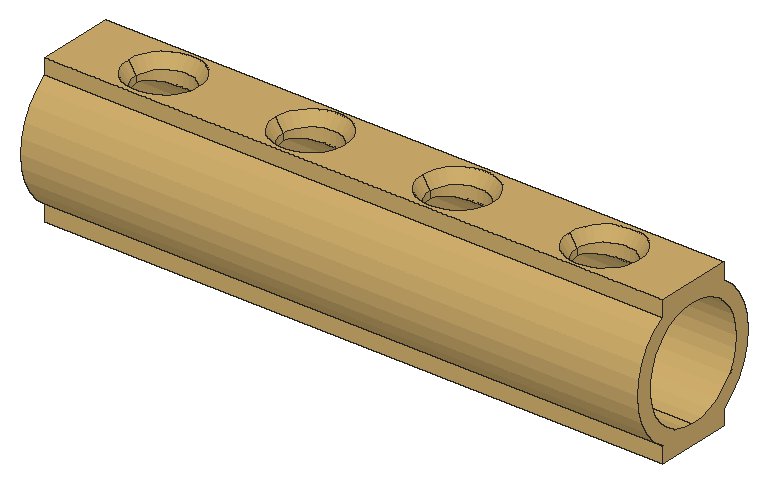
Revit family "fv", category Pipe Accessories, Revit 2018
Family settings
  Round Connector Dimension = Use Diameter
  Part Type = Normal
  OmniClass Number = 23.27.43.00
  OmniClass Title = Pipe Fittings
  Work Plane-Based = No
  Always vertical = Yes
  Cut with Voids When Loaded = No
  Shared = No
Parameters (values of type "F 1 1/4"")
  Tick Size 02 = G * 0.8  # 10.160 mm
  Side Gap = size_lookup(Lookup Table Name, "S", 0.000 mm, Nominal Diameter)  # 10.500 mm
  Radius = G / 2 + 3.180 mm  # 9.530 mm
  Product Material = AIGNEP - Brass - Yellow
  Nominal Diameter = 31.750 mm
  QR code = "https://www.bimobject.com/aignep/product/4-ways-distribution-manifold-90790"
  Product url = "https://www.aignep.com/eng/Pipe-fittings-INFINITY/Air-Pipeline-INFINITY-Series/4-WAYS-DISTRIBUTION-MANIFOLD"
  Product name = "4 Ways Distribution Manifold - 90790"
  Product group = "Fittings"
  Product family = "INFINITY"
  Product certification = "https://www.aignep.com/eng/Certificazioni/FREE-OF-SILICON"
  Product SKU = "4-Ways-Distribution-Manifold-90790"
  OmniClass Description = "Pipe Fittings"
  OmniClass Code = "23-27 43 00"
  Material main = "Steel"
  Manufacturer name = "Aignep Spa"
  Manufacturer country = "Italy"
  IFC Classification = "Pipe Fitting"
  I = size_lookup(Lookup Table Name, "I", 0.000 mm, Nominal Diameter)  # 50.000 mm
  L = size_lookup(Lookup Table Name, "L", 0.000 mm, Nominal Diameter)  # 210.000 mm
  G = 12.700 mm  # constant formula
  Diameter = Nominal Diameter + 2 * 2.738 mm  # 37.226 mm
  Design country = "Italy"
  Description = "4 Ways distribution manifold"  # constant formula
  URL = "https://www.aignep.com/"
  Tick Size 01 = Nominal Diameter * 0.8  # 25.400 mm
  Product data url = "https://www.bimobject.com/aignep/product/4-ways-distribution-manifold-90790"
  Product Guid = "ca4730dc-95fe-4258-89dc-8d25f3021b11"
  Model = "90790"  # constant formula
  Manufacturer = "Aignep Spa"  # constant formula
  Lookup Table Name = "4 Ways Distribution Manifold - 90790"
  Keynote = "15410"
  Edition number = 1
  C = size_lookup(Lookup Table Name, "C", 0.000 mm, Nominal Diameter)  # 50.000 mm
  BIMobject category = "Joints"
  B/2 = B / 2  # 23.500 mm
  B = size_lookup(Lookup Table Name, "B", 0.000 mm, Nominal Diameter)  # 47.000 mm
  A = size_lookup(Lookup Table Name, "A", 0.000 mm, Nominal Diameter)  # 30.000 mm
  Assembly Code = "D2040100"
  Article Code [instance] = size_lookup(Lookup Table Name, "", "", Nominal Diameter)  # "90790 00 003"
Types (4, lengths in mm): name | Side Gap | Nominal Diameter | I | L | Diameter | Tick Size 01 | C | B/2 | B | A | Article Code
  (no name) | 10.500 | 31.750 | 50.000 | 210.000 | 37.226 | 25.400 | 50.000 | 23.500 | 47.000 | 30.000 | "90790 00 003"
  F 3/4" | 2.500 | 19.050 | 38.000 | 164.000 | 24.526 | 15.240 | 34.000 | 15.500 | 31.000 | 25.000 | "90790 00 001"
  F 1" | 6.250 | 25.400 | 38.000 | 174.000 | 30.876 | 20.320 | 37.000 | 18.750 | 37.500 | 30.000 | "90790 00 002"
  F 1 1/4" | 10.500 | 31.750 | 50.000 | 210.000 | 37.226 | 25.400 | 50.000 | 23.500 | 47.000 | 30.000 | "90790 00 003"
Reference planes
  plane 1 "Center (Front/Back)": y = 0
  plane 2: z = 0
  plane 3 "Center (Left/Right)": x = 0
  plane 4: x = -105
  plane 5: x = 105
  plane 6: x = -75
  plane 7: x = -25
  plane 8: x = 75
  plane 9: x = 25
  plane 10: z = 25
  plane 11: z = -25
  plane 12: y = -23.5
  plane 13: y = 23.5
  plane 14: y = -13
  plane 15: y = 13
  plane 16: x = -90
  plane 17: x = 90
  plane 18: z = 18.613
  plane 19: z = -18.613
  plane 20: z = 14.791
Forms (mm)
  Sweep 1, solid, material "AIGNEP - Brass - Yellow" <- "Product Material", detail levels fine
    path origin (0, 0, 0) x (1, 0, 0) y (0, 0, 1)
      loop
        line (-105, 0) -> (105, 0)
    profile origin (0, 0, 0) x (0, 0, 1) y (0, -1, 0)
      loop
        arc (19.577, 13) -> (0, 23.5) -> (-19.577, 13) r 23.5
        line (-19.577, 13) -> (-25, 13) -> (-25, -13) -> (-19.577, -13)
        arc (-19.577, -13) -> (0, -23.5) -> (19.577, -13) r 23.5
        line (19.577, -13) -> (25, -13) -> (25, 13) -> (19.577, 13)
      loop
        circle (0, 0) r 18.613
  Sweep 2, solid, material "AIGNEP - Brass - Yellow" <- "Product Material", not visible, detail levels fine
    path origin (0, 0, 0) x (1, 0, 0) y (0, 0, 1)
      loop
        line (-90, 0) -> (90, 0)
    profile origin (0, 0, 0) x (0, 0, 1) y (0, -1, 0)
      loop
        circle (0, 0) r 1.044
  Revolve 3, void
    sketch origin (0, 0, 0) x (1, 0, 0) y (0, 0, 1)
      loop
        line (-75, 0) -> (-65.47, 0) -> (-65.47, 20.842) -> (-62.962, 25) -> (-75, 25) -> (-75, 0)
      axis (-75, 25) -> (-75, 0)
    angle from 0 to 360
  Revolve 4, void
    sketch origin (38, 0, 0) x (1, 0, 0) y (0, 0, 1)
      loop
        line (-63, 0) -> (-53.47, 0) -> (-53.47, 20.842) -> (-50.962, 25) -> (-63, 25) -> (-63, 0)
      axis (-63, 25) -> (-63, 0)
    angle from 0 to 360
  Revolve 5, void
    sketch origin (-38, 0, 0) x (-1, 0, 0) y (0, 0, 1)
      loop
        line (-63, 0) -> (-53.47, 0) -> (-53.47, 20.842) -> (-50.962, 25) -> (-63, 25) -> (-63, 0)
      axis (-63, 25) -> (-63, 0)
    angle from 0 to 360
  Revolve 6, void
    sketch origin (0, 0, 0) x (-1, 0, 0) y (0, 0, 1)
      loop
        line (-75, 0) -> (-65.47, 0) -> (-65.47, 20.842) -> (-62.962, 25) -> (-75, 25) -> (-75, 0)
      axis (-75, 25) -> (-75, 0)
    angle from 0 to 360
  Sweep 7, solid, material "AIGNEP - Brass - Yellow" <- "Product Material", not visible, detail levels fine
    path origin (0, 0, 0) x (1, 0, 0) y (0, 0, 1)
      loop
        line (0, 14.791) -> (0, 0)
    profile origin (0, 0, 7.395) x (0, -1, 0) y (1, 0, 0)
      loop
        circle (0, -75) r 1
      loop
        circle (0, -25) r 1
      loop
        circle (0, 25) r 1
      loop
        circle (0, 75) r 1
Cuts and joins
  Revolve 3, Revolve 4, Revolve 5, Revolve 6 cuts Sweep 1
Lines and regions (mm)
  model lines, detail levels coarse+medium
    curve 1: line (-90, 0, 0) -> (90, 0, 0)
    curve 2: line (-90, 25.4, 0) -> (-90, -25.4, 0)
    curve 3: line (90, 25.4, 0) -> (90, -25.4, 0)
    curve 4: line (-75, 0, 14.791) -> (-75, 0, 0)
    curve 5: line (-25, 0, 14.791) -> (-25, 0, 0)
    curve 6: line (25, 0, 14.791) -> (25, 0, 0)
    curve 7: line (75, 0, 14.791) -> (75, 0, 0)
    curve 8: line (-85.16, 0, 14.791) -> (-64.84, 0, 14.791)
    curve 9: line (-35.16, 0, 14.791) -> (-14.84, 0, 14.791)
    curve 10: line (14.84, 0, 14.791) -> (35.16, 0, 14.791)
    curve 11: line (64.84, 0, 14.791) -> (85.16, 0, 14.791)
Dimensions and locks
  equal spacing: plane 5, plane 3 "Center (Left/Right)", plane 4
  "L": plane 5 to plane 4
  "A": plane 6 to plane 4
  "I": plane 7 to plane 6
  "A": plane 8 to plane 5
  "I": plane 8 to plane 9
  equal spacing: plane 10, plane 2, plane 11
  "C": plane 10 to plane 11
  equal spacing: plane 13, plane 1 "Center (Front/Back)", plane 12
  "B": plane 13 to plane 12
  "Side Gap": plane 13 to plane 15
  "Side Gap": plane 14 to plane 12
  equal spacing: plane 6, plane 16, plane 4
  equal spacing: plane 5, plane 17, plane 8
  "Radius": Revolve 3 sketch curve to plane 6
  locked: Revolve 3 sketch curve to Revolve 3 sketch curve at 2.508
  locked: Revolve 4 sketch curve to Revolve 4 sketch curve at 2.508
  "Radius": Revolve 4 sketch curve to plane 7
  locked: Revolve 5 sketch curve to Revolve 5 sketch curve at 2.508
  "Radius": plane 9 to Revolve 5 sketch curve
  "Radius": plane 8 to Revolve 6 sketch curve
  locked: Revolve 6 sketch curve to Revolve 6 sketch curve at 2.508
  equal spacing: plane 18, plane 2, plane 19
  "Diameter": plane 18 to plane 19
  locked: plane 18 to Sweep 7 sketch curve at 3.822
  "Tick Size 01": plane 1 "Center (Front/Back)" to curve 2
  "Tick Size 01": curve 2 to plane 1 "Center (Front/Back)"
  "Tick Size 01": plane 1 "Center (Front/Back)" to curve 3
  "Tick Size 01": curve 3 to plane 1 "Center (Front/Back)"
  locked: plane 18 to plane 20 at 3.822
  "Tick Size 02": plane 6 to curve 8
  "Tick Size 02": curve 8 to plane 6
  "Tick Size 02": plane 7 to curve 9
  "Tick Size 02": curve 9 to plane 7
  "Tick Size 02": plane 9 to curve 10
  "Tick Size 02": curve 10 to plane 9
  "Tick Size 02": plane 8 to curve 11
  "Tick Size 02": curve 11 to plane 8
  "Diameter": diameter of Sweep 1 sketch curve
  "B/2": radius of Sweep 1 sketch curve  (x2)
  aligned and locked: level to plane 2
  aligned and locked: plane 5 to Sweep 1 sketch curve
  aligned and locked: plane 4 to Sweep 1 sketch curve
  aligned and locked: Sweep 1 sketch curve to plane 2
  aligned and locked: plane 11 to Sweep 1 sketch curve
  aligned and locked: plane 14 to Sweep 1 sketch curve
  aligned and locked: plane 15 to Sweep 1 sketch curve
  aligned and locked: Sweep 1 sketch curve to plane 10
  aligned and locked: Sweep 1 sketch curve to plane 14
  aligned and locked: Sweep 1 sketch curve to plane 15
  aligned and locked: plane 17 to Sweep 2 sketch curve
  aligned and locked: plane 16 to Sweep 2 sketch curve
  aligned and locked: Sweep 2 sketch curve to plane 2
  aligned and locked: Revolve 3 sketch curve to plane 2
  aligned and locked: plane 10 to Revolve 3 sketch curve
  aligned and locked: plane 6 to Revolve 3 sketch curve
  aligned and locked: plane 7 to Revolve 4 sketch curve
  aligned and locked: Revolve 4 sketch curve to plane 2
  aligned and locked: plane 10 to Revolve 4 sketch curve
  aligned and locked: Revolve 5 sketch curve to plane 10
  aligned and locked: plane 2 to Revolve 5 sketch curve
  aligned and locked: plane 8 to Revolve 6 sketch curve
  aligned and locked: plane 2 to Revolve 6 sketch curve
  aligned and locked: Revolve 6 sketch curve to plane 10
  aligned and locked: plane 2 to Sweep 7 sketch curve
  aligned and locked: Sweep 7 sketch curve to plane 3 "Center (Left/Right)"
  aligned and locked: plane 16 to curve 1
  aligned and locked: plane 17 to curve 1
  aligned and locked: plane 1 "Center (Front/Back)" to curve 1
  aligned and locked: curve 2 to plane 16
  aligned and locked: plane 17 to curve 3
  aligned and locked: plane 2 to curve 4
  aligned and locked: plane 2 to curve 5
  aligned and locked: plane 2 to curve 6
  aligned and locked: plane 2 to curve 7
  aligned and locked: curve 4 to plane 6
  aligned and locked: curve 5 to plane 7
  aligned and locked: curve 6 to plane 9
  aligned and locked: curve 7 to plane 8
  aligned and locked: plane 20 to curve 4
  aligned and locked: plane 20 to curve 6
  aligned and locked: plane 20 to curve 7
  aligned and locked: plane 20 to curve 8
  aligned and locked: plane 20 to curve 9
  aligned and locked: plane 20 to curve 10
  aligned and locked: plane 20 to curve 11
  aligned and locked: plane 6 to Sweep 7 sketch curve
  aligned and locked: plane 7 to Sweep 7 sketch curve
  aligned and locked: plane 9 to Sweep 7 sketch curve
  aligned and locked: plane 8 to Sweep 7 sketch curve
Automatic sketch dimensions
  Sweep 2 sketch curve to plane 1 "Center (Front/Back)" = 0.000 mm
  profile plane to Sweep 2 sketch curve = 0.000 mm
  plane 1 "Center (Front/Back)" to Sweep 7 sketch curve = 0.000 mm  (x4)
  Sweep 1 sketch curve to Sweep 1 sketch curve = 0.000 mm  (x4)
  Sweep 1 sketch curve to plane 1 "Center (Front/Back)" = 0.000 mm
  profile plane to Sweep 1 sketch curve = 0.000 mm
  Revolve 3 sketch curve to plane 6 = 0.000 mm
  plane 18 to Revolve 3 sketch curve = 2.229 mm
  Revolve 3 sketch curve to plane 19 = 0.763 mm
  Revolve 3 sketch curve to plane 10 = 2.080 mm
  Revolve 4 sketch curve to plane 7 = 0.000 mm
  plane 18 to Revolve 4 sketch curve = 2.229 mm
  Revolve 4 sketch curve to plane 19 = 0.763 mm
  Revolve 4 sketch curve to plane 10 = 2.080 mm
  Revolve 5 sketch curve to plane 9 = 0.000 mm  (x2)
  Revolve 5 sketch curve to plane 18 = 2.229 mm
  plane 19 to Revolve 5 sketch curve = 0.763 mm
  plane 10 to Revolve 5 sketch curve = 2.080 mm
  Revolve 6 sketch curve to plane 8 = 0.000 mm
  Revolve 6 sketch curve to plane 18 = 2.229 mm
  plane 19 to Revolve 6 sketch curve = 0.763 mm
  plane 10 to Revolve 6 sketch curve = 2.080 mm
  radius of Sweep 2 sketch curve = 1.044 mm
  radius of Sweep 7 sketch curve = 1.000 mm  (x4)
Connectors
  piping at (-90, 0, 0), diameter 31.75, driven by "Nominal Diameter"
    settings: on Sweep 2, index 1, connector inside diameter 609.600 mm, connector length 0.000 mm, flow factor 0, pipe flow 0.0 L/s, pressure drop 0.0 Pa, fitting loss kfactor 0, connector angle 0.00°, fixture units 0, engagement length 0.000 mm, angle of deflection 0.00°, flow configuration 0, flow direction 0, fitting loss method 0, system type 28, joint type 0, gender type 0, connector reference index -1, connector utility 0, adjustable connector no, is connector primary yes, connector description ""
  piping at (90, 0, 0), diameter 31.75, driven by "Nominal Diameter"
    settings: on Sweep 2, index 2, connector inside diameter 609.600 mm, connector length 0.000 mm, flow factor 0, pipe flow 0.0 L/s, pressure drop 0.0 Pa, fitting loss kfactor 0, connector angle 0.00°, fixture units 0, engagement length 0.000 mm, angle of deflection 0.00°, flow configuration 0, flow direction 0, fitting loss method 0, system type 28, joint type 0, gender type 0, connector reference index -1, connector utility 0, adjustable connector no, is connector primary no, connector description ""
  piping at (-75, 0, 14.791), diameter 12.7, driven by "G"
    settings: on Sweep 7, index 3, connector inside diameter 609.600 mm, connector length 0.000 mm, flow factor 0, pipe flow 0.0 L/s, pressure drop 0.0 Pa, fitting loss kfactor 0, connector angle 0.00°, fixture units 0, engagement length 0.000 mm, angle of deflection 0.00°, flow configuration 0, flow direction 0, fitting loss method 0, system type 28, joint type 0, gender type 0, connector reference index -1, connector utility 0, adjustable connector no, is connector primary no, connector description ""
  piping at (-25, 0, 14.791), diameter 12.7, driven by "G"
    settings: on Sweep 7, index 4, connector inside diameter 609.600 mm, connector length 0.000 mm, flow factor 0, pipe flow 0.0 L/s, pressure drop 0.0 Pa, fitting loss kfactor 0, connector angle 0.00°, fixture units 0, engagement length 0.000 mm, angle of deflection 0.00°, flow configuration 0, flow direction 0, fitting loss method 0, system type 28, joint type 0, gender type 0, connector reference index -1, connector utility 0, adjustable connector no, is connector primary no, connector description ""
  piping at (25, 0, 14.791), diameter 12.7, driven by "G"
    settings: on Sweep 7, index 5, connector inside diameter 609.600 mm, connector length 0.000 mm, flow factor 0, pipe flow 0.0 L/s, pressure drop 0.0 Pa, fitting loss kfactor 0, connector angle 0.00°, fixture units 0, engagement length 0.000 mm, angle of deflection 0.00°, flow configuration 0, flow direction 0, fitting loss method 0, system type 28, joint type 0, gender type 0, connector reference index -1, connector utility 0, adjustable connector no, is connector primary no, connector description ""
  piping at (75, 0, 14.791), diameter 12.7, driven by "G"
    settings: on Sweep 7, index 6, connector inside diameter 609.600 mm, connector length 0.000 mm, flow factor 0, pipe flow 0.0 L/s, pressure drop 0.0 Pa, fitting loss kfactor 0, connector angle 0.00°, fixture units 0, engagement length 0.000 mm, angle of deflection 0.00°, flow configuration 0, flow direction 0, fitting loss method 0, system type 28, joint type 0, gender type 0, connector reference index -1, connector utility 0, adjustable connector no, is connector primary no, connector description ""
